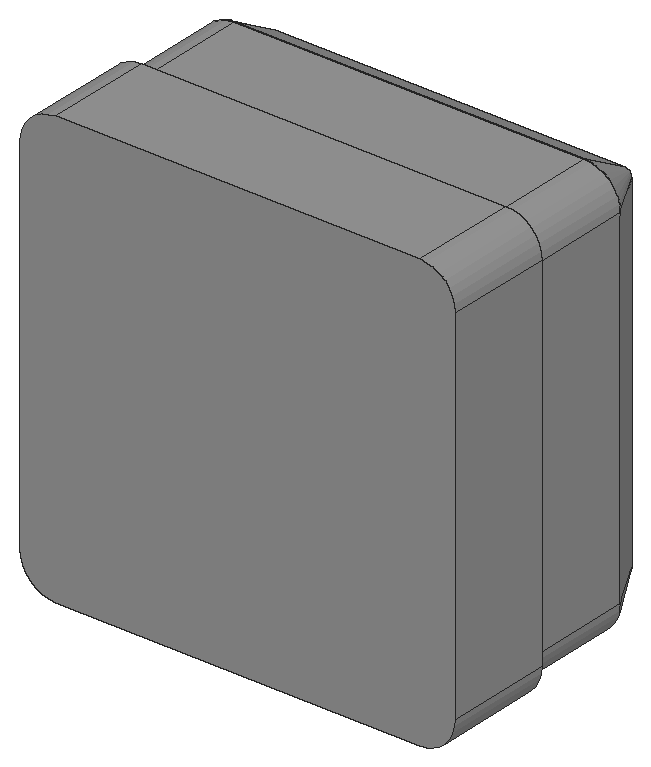
Revit family "IEK_РозеткаТелефонная_ОткрытойУстановки_1-местная IP20_ОКТАВА", category Устройства связи, Revit 2019
Family settings
  Сохранять ориентацию аннотаций = Да
  Размер круглого соединителя = Использовать диаметр
  Тип детали = Нормальный
  На основе рабочей плоскости = Нет
  Всегда вертикально = Да
  При загрузке вырезать с полостями = Нет
  Общий = Нет
  Точка расчета площади = Нет
Parameters (values of type "РТ20-ОКм")
  Ширина = 61 mm  # constant formula
  Тип монтажа = "Поверхность монтажа (открытая установка)"  # constant formula
  Степень защиты = "IP20"  # constant formula
  Изготовитель = "IEK"  # constant formula
  Дата изменения = ""
  Глубина = 37 mm  # constant formula
  Высота = 61 mm  # constant formula
  ΔХ [instance] = 2000 mm
  ΔY [instance] = 2000 mm
  KSI_CPr_Строительные изделия = ""
  KSI_CMa_Строительные материалы = "01.7.14.03"  # constant formula
  IEK_Цена за единицу = 132.29
  IEK_Поиск в таблице имен = ""
  IEK_Описание = "Универсальный дизайн серии открытой установки \"ОКТАВА\" позволяет устанавливать изделия в квартирах, загородных домах, офисных и производственных помещениях."
  IEK_URL = "https://www.iek.ru/products/catalog/izdeliya_elektroustanovochnye_udliniteli_i_silovye_razemy/elektroustanovochnye_izdeliya/elektroustanovochnye_izdeliya_otkrytogo_montazha_ip20/elektroustanovochnye_izdeliya_oktava/elektroustanovochnye_izdeliya_oktava_tsvet_kremovyy/rozetka_1_mestnaya_dlya_otkrytoy_ustanovki_telefonnaya_rt20_okm_oktava_kremovyy_iek"
  ADSK_Примечание = ""
  ADSK_Позиция [instance] = ""
  ADSK_Наименование = "Розетка 1-местная для открытой установки телефонная РТ20-ОКм ОКТАВА кремовый IEK"
  ADSK_Материал обозначение = ""
  ADSK_Материал наименование = "Пластик"  # constant formula
  ADSK_Материал = Цвет кремовый
  ADSK_Масса = 0.048
  ADSK_Марка = "ОКТАВА"  # constant formula
  ADSK_Код изделия = "ETO10-K33-DC"
  ADSK_Завод-изготовитель = "IEK"  # constant formula
  ADSK_Единица измерения = "шт"  # constant formula
  ADSK_Группирование = "III ЭЛЕКТРОУСТАНОВОЧНЫЕ И ЭЛЕКТРОМОНТАЖНЫЕ ИЗДЕЛИЯ"  # constant formula
  ADSK_Версия семейства = "1.0"  # constant formula
  ADSK_Версия Revit = "2019"  # constant formula
  ADSK_URL страницы изделия = "https://www.iek.ru/products/catalog/izdeliya_elektroustanovochnye_udliniteli_i_silovye_razemy/elektroustanovochnye_izdeliya/elektroustanovochnye_izdeliya_otkrytogo_montazha_ip20/elektroustanovochnye_izdeliya_oktava/"
Reference planes
  plane 1 "По центру (Вперед/Назад)": y = 0
  plane 2: z = 0
  plane 3 "По центру (Влево/Вправо)": x = 0
  plane 4 "Высота ножек": z = 280
  plane 5 "Высота": z = 2081.496
  plane 6: x = -2000
  plane 7: y = 2000
Forms (mm)
  Extrusion 1, solid, detail levels coarse
    sketch origin (0, -9, 0) x (1, 0, 0) y (0, 1, 0)
      loop
        line (-30.5, 46) -> (-30.5, 9) -> (30.5, 9) -> (30.5, 46) -> (-30.5, 46)
    from 0 to 61
  Extrusion 2, solid, detail levels medium
    sketch origin (0, 36, 0) x (1, 0, 0) y (0, 1, 0)
      loop
        line (-30.5, 1) -> (-30.5, -36) -> (30.5, -36) -> (30.5, 1) -> (-30.5, 1)
    from 0 to 61
  Extrusion 3, void
    sketch origin (0, 2, 30.5) x (1, 0, 0) y (0, 0, -1)
      loop
        line (6, 5.5) -> (-6, 5.5) -> (-6, -1.5) -> (-3.5, -1.5) -> (-3.5, -3.5) -> (-2, -3.5) -> (-2, -5.5) -> (2, -5.5) -> (2, -3.5) -> (3.5, -3.5) -> (3.5, -1.5) -> (6, -1.5) -> (6, 5.5)
    from 25 to 34.5
  Extrusion 4, solid, material "Цвет кремовый" <- "ADSK_Материал", detail levels fine
    sketch origin (0, 2, 30.5) x (1, 0, 0) y (0, 0, -1)
      loop
        line (-30.5, 25.5) -> (-30.5, -25.5)
        arc (-30.5, -25.5) -> (-29.036, -29.036) -> (-25.5, -30.5) r 5
        line (-25.5, -30.5) -> (25.5, -30.5)
        arc (25.5, -30.5) -> (29.036, -29.036) -> (30.5, -25.5) r 5
        line (30.5, -25.5) -> (30.5, 25.5)
        arc (30.5, 25.5) -> (29.036, 29.036) -> (25.5, 30.5) r 5
        line (25.5, 30.5) -> (-25.5, 30.5)
        arc (-25.5, 30.5) -> (-29.036, 29.036) -> (-30.5, 25.5) r 5
    from -2 to 13
  Extrusion 5, solid, material "Цвет кремовый" <- "ADSK_Материал", detail levels fine
    sketch origin (0, 2, 30.5) x (1, 0, 0) y (0, 0, -1)
      loop
        line (-29.5, 24.462) -> (-29.5, -24.462)
        arc (-29.5, -24.462) -> (-28.024, -28.024) -> (-24.462, -29.5) r 5.038
        line (-24.462, -29.5) -> (24.505, -29.5)
        arc (24.505, -29.5) -> (28.037, -28.037) -> (29.5, -24.505) r 4.995
        line (29.5, -24.505) -> (29.5, 24.505)
        arc (29.5, 24.505) -> (28.037, 28.037) -> (24.505, 29.5) r 4.995
        line (24.505, 29.5) -> (-24.462, 29.5)
        arc (-24.462, 29.5) -> (-28.024, 28.024) -> (-29.5, 24.462) r 5.038
    from 13 to 28
  Blend 6, solid, material "Цвет кремовый" <- "ADSK_Материал", detail levels fine
    base sketch origin (0, 2, 30.5) x (1, 0, 0) y (0, 0, -1)
      loop
        line (-29.5, 24.462) -> (-29.5, -24.462)
        arc (-29.5, -24.462) -> (-28.024, -28.024) -> (-24.462, -29.5) r 5.038
        line (-24.462, -29.5) -> (24.505, -29.5)
        arc (24.505, -29.5) -> (28.037, -28.037) -> (29.5, -24.505) r 4.995
        line (29.5, -24.505) -> (29.5, 24.505)
        arc (29.5, 24.505) -> (28.037, 28.037) -> (24.505, 29.5) r 4.995
        line (24.505, 29.5) -> (-24.462, 29.5)
        arc (-24.462, 29.5) -> (-28.024, 28.024) -> (-29.5, 24.462) r 5.038
    top sketch origin (0, 2, 30.5) x (1, 0, 0) y (0, 0, -1)
      loop
        line (-25.459, 24.5) -> (-25.459, -24.5)
        arc (-25.459, -24.5) -> (-25.178, -25.178) -> (-24.5, -25.459) r 0.959
        line (-24.5, -25.459) -> (24.5, -25.459)
        arc (24.5, -25.459) -> (25.178, -25.178) -> (25.459, -24.5) r 0.959
        line (25.459, -24.5) -> (25.459, 24.5)
        arc (25.459, 24.5) -> (25.178, 25.178) -> (24.5, 25.459) r 0.959
        line (24.5, 25.459) -> (-24.5, 25.459)
        arc (-24.5, 25.459) -> (-25.178, 25.178) -> (-25.459, 24.5) r 0.959
    from 28 to 35
  Extrusion 7, void
    sketch origin (0, 2, 30.5) x (1, 0, 0) y (0, 0, -1)
      loop
        arc (-23.459, -21.459) -> (-22.873, -22.873) -> (-21.459, -23.459) r 2
        line (-21.459, -23.459) -> (21.459, -23.459)
        arc (21.459, -23.459) -> (22.873, -22.873) -> (23.459, -21.459) r 2
        line (23.459, -21.459) -> (23.459, 21.459)
        arc (23.459, 21.459) -> (22.873, 22.873) -> (21.459, 23.459) r 2
        line (21.459, 23.459) -> (-21.459, 23.459)
        arc (-21.459, 23.459) -> (-22.873, 22.873) -> (-23.459, 21.459) r 2
        line (-23.459, 21.459) -> (-23.459, -21.459)
    from 34.5 to 35
Cuts and joins
  Extrusion 3, Extrusion 7 cuts Blend 6
Lines and regions (mm)
  reference lines
    curve 1: line (0, 44.647, 0) -> (0, -55.353, 0)
    curve 2: line (-23.829, 0, 0) -> (76.171, 0, 0)
Dimensions and locks
  locked: plane 4 "Высота ножек" to plane 2 at 280
  plane 5 "Высота" to plane 4 "Высота ножек" = 1801.496 mm
  "ΔХ": plane 6 to curve 1
  "ΔY": plane 7 to curve 2
  aligned and locked: level to plane 2
  aligned and locked: nested 1 to curve 1
  aligned and locked: curve 2 to nested 1
  aligned and locked: Extrusion 1 to Extrusion 2  (x3)
  aligned and locked: plane 1 "По центру (Вперед/Назад)" to Extrusion 1
Automatic sketch dimensions
  plane 1 "По центру (Вперед/Назад)" to Extrusion 1 sketch curve = 0 mm
  Extrusion 1 sketch curve to plane 3 "По центру (Влево/Вправо)" = 30.5 mm
  plane 3 "По центру (Влево/Вправо)" to Extrusion 1 sketch curve = 30.5 mm
  Extrusion 1 sketch curve to plane 1 "По центру (Вперед/Назад)" = 37 mm
  Extrusion 2 sketch curve to plane 1 "По центру (Вперед/Назад)" = 0 mm
  Extrusion 2 sketch curve to plane 3 "По центру (Влево/Вправо)" = 30.5 mm
  plane 3 "По центру (Влево/Вправо)" to Extrusion 2 sketch curve = 30.5 mm
  Extrusion 2 sketch curve to Extrusion 2 sketch curve = 37 mm
  Extrusion 3 sketch curve to plane 3 "По центру (Влево/Вправо)" = 6 mm
  Extrusion 3 sketch curve to Extrusion 3 sketch curve = 2.5 mm  (x2)
  Extrusion 3 sketch curve to Extrusion 3 sketch curve = 1.5 mm  (x2)
  plane 3 "По центру (Влево/Вправо)" to Extrusion 3 sketch curve = 2 mm
  level to Extrusion 3 sketch curve = 36 mm
  Extrusion 3 sketch curve to Extrusion 3 sketch curve = 2 mm  (x4)
  Extrusion 3 sketch curve to Extrusion 3 sketch curve = 7 mm
  level to Extrusion 4 sketch curve = 5 mm  (x2)
  Extrusion 4 sketch curve to plane 3 "По центру (Влево/Вправо)" = 30.5 mm
  Extrusion 4 sketch curve to Extrusion 4 sketch curve = 5 mm  (x2)
  plane 3 "По центру (Влево/Вправо)" to Extrusion 4 sketch curve = 25.5 mm  (x2)
  level to Extrusion 4 sketch curve = 56 mm
  Extrusion 5 sketch curve to plane 3 "По центру (Влево/Вправо)" = 29.5 mm
  Extrusion 5 sketch curve to Extrusion 5 sketch curve = 5.038 mm  (x2)
  level to Extrusion 5 sketch curve = 1 mm
  plane 3 "По центру (Влево/Вправо)" to Extrusion 5 sketch curve = 24.505 mm  (x2)
  Extrusion 5 sketch curve to Extrusion 5 sketch curve = 4.995 mm
  level to Extrusion 5 sketch curve = 54.962 mm
  Extrusion 5 sketch curve to Extrusion 5 sketch curve = 0 mm  (x2)
  level to Blend 6 sketch curve = 6.038 mm
  Blend 6 sketch curve to plane 3 "По центру (Влево/Вправо)" = 29.5 mm
  Blend 6 sketch curve to Blend 6 sketch curve = 5.038 mm  (x2)
  plane 3 "По центру (Влево/Вправо)" to Blend 6 sketch curve = 24.505 mm  (x2)
  level to Blend 6 sketch curve = 5.995 mm
  level to Blend 6 sketch curve = 54.962 mm
  level to Blend 6 sketch curve = 6 mm  (x2)
  Blend 6 sketch curve to plane 3 "По центру (Влево/Вправо)" = 25.459 mm
  Blend 6 sketch curve to Blend 6 sketch curve = 0.959 mm  (x2)
  plane 3 "По центру (Влево/Вправо)" to Blend 6 sketch curve = 24.5 mm  (x2)
  level to Blend 6 sketch curve = 55 mm
  Extrusion 7 sketch curve to plane 3 "По центру (Влево/Вправо)" = 23.459 mm
  Extrusion 7 sketch curve to Extrusion 7 sketch curve = 2 mm  (x3)
  level to Extrusion 7 sketch curve = 7.041 mm
  plane 3 "По центру (Влево/Вправо)" to Extrusion 7 sketch curve = 21.459 mm  (x2)
  level to Extrusion 7 sketch curve = 51.959 mm
  curve 2 to plane 3 "По центру (Влево/Вправо)" = 23.829 mm
  plane 3 "По центру (Влево/Вправо)" to curve 2 = 76.171 mm
  plane 1 "По центру (Вперед/Назад)" to curve 1 = 55.353 mm
  curve 1 to plane 1 "По центру (Вперед/Назад)" = 44.647 mm
Nested families
  nested 1: "УГО Розетки связистской" at (0, 0, 0), type "Розетка телефонная", detail levels coarse+medium
Connectors
  electrical at (0, 18.5, 0)
    settings: on Extrusion 1, index 1, voltage 0 V, apparent load 0 VA, apparent load phase1 0 VA, apparent load phase2 0 VA, apparent load phase3 0 VA, power factor 1, load classification "Прочее", number of poles 1, system type 9, power factor state 1, is connector primary yes, connector utility no, sub classification motor no, connector description ""
Definition of nested family "УГО Розетки связистской"
  Parameters (values of type "Розетка двухместная телефонная")
    Розетка телефонная = no
    Розетка сетевая (Интернет) = no
    Розетка сетевая и телефонная = no
    Розетка телевизионная = no
    Розетка двухместная телефонная = yes
  Types (5, lengths in mm): name | Розетка телефонная | Розетка сетевая (Интернет) | Розетка сетевая и телефонная | Розетка телевизионная | Розетка двухместная телефонная
    Розетка телевизионная | no | no | no | yes | no
    Розетка сетевая (Интернет) | no | yes | no | no | no
    Розетка сетевая и телефонная | no | no | yes | no | no
    Розетка телефонная | yes | no | no | no | no
    Розетка двухместная телефонная | no | no | no | no | yes
  Reference planes
    plane 1: y = 0
    plane 2: x = 0
  Lines and regions (mm)
    Filled region 1, type "Цветовая область 1", visible <- "Розетка телефонная"
      outline origin (0, 0, 0) x (1, 0, 0) y (0, 1, 0)
        loop
          line (-0.512, 1.977) -> (-0.512, 3.023) -> (-1.53, 3.023) -> (-1.53, 1.977) -> (-0.512, 1.977)
        loop
          line (0.512, 1.977) -> (1.53, 1.977) -> (1.53, 3.023) -> (0.512, 3.023) -> (0.512, 1.977)
    Filled region 2, type "Цветовая область 1", visible <- "Розетка телефонная", not visible
      outline origin (0, 0, 0) x (1, 0, 0) y (0, 1, 0)
        loop
          line (8.078, 7.617) -> (8.078, 8.664) -> (7.06, 8.664) -> (7.06, 7.617) -> (8.078, 7.617)
        loop
          line (9.101, 7.617) -> (10.119, 7.617) -> (10.119, 8.664) -> (9.101, 8.664) -> (9.101, 7.617)
    Filled region 3, type "Цветовая область 1", visible <- "Розетка сетевая и телефонная"
      outline origin (0, 0, 0) x (1, 0, 0) y (0, 1, 0)
        loop
          line (0.994, 4) -> (0.994, 3) -> (1.994, 3) -> (1.994, 4) -> (0.994, 4)
        loop
          line (3.019, 3) -> (4.019, 3) -> (4.019, 4) -> (3.019, 4) -> (3.019, 3)
    Filled region 4, type "Цветовая область 1", visible <- "Розетка сетевая и телефонная", not visible
      outline origin (0, 0, 0) x (1, 0, 0) y (0, 1, 0)
        loop
          line (28.769, 14.987) -> (28.769, 13.987) -> (29.769, 13.987) -> (29.769, 14.987) -> (28.769, 14.987)
        loop
          line (30.794, 13.987) -> (31.794, 13.987) -> (31.794, 14.987) -> (30.794, 14.987) -> (30.794, 13.987)
    Filled region 5, type "Цветовая область 1", visible <- "Розетка двухместная телефонная"
      outline origin (0, 0, 0) x (1, 0, 0) y (0, 1, 0)
        loop
          line (-0.512, 1.977) -> (-0.512, 3.023) -> (-1.53, 3.023) -> (-1.53, 1.977) -> (-0.512, 1.977)
        loop
          line (0.512, 1.977) -> (1.53, 1.977) -> (1.53, 3.023) -> (0.512, 3.023) -> (0.512, 1.977)
    Filled region 6, type "Цветовая область 1", visible <- "Розетка двухместная телефонная", not visible
      outline origin (0, 0, 0) x (1, 0, 0) y (0, 1, 0)
        loop
          line (39.096, 13.207) -> (39.096, 14.254) -> (38.078, 14.254) -> (38.078, 13.207) -> (39.096, 13.207)
        loop
          line (40.119, 13.207) -> (41.137, 13.207) -> (41.137, 14.254) -> (40.119, 14.254) -> (40.119, 13.207)
    detail lines
      curve 1: line (0.006, 0, 0) -> (0.006, 2.454, 0)
      curve 2: line (0.006, 0, 0) -> (2.217, 0, 0)
    detail lines, visible <- "Розетка сетевая (Интернет)", not visible
      curve 3: line (2.5, 1.221, 0) -> (-2.5, 1.221, 0)
      curve 4: line (2.5, 6.221, 0) -> (-2.5, 6.221, 0)
      curve 5: line (0, 6.221, 0) -> (-2.5, 1.221, 0)
      curve 6: line (0, 6.221, 0) -> (2.5, 1.221, 0)
    detail lines, visible <- "Розетка телевизионная", not visible
      curve 7: line (19.458, 13.285, 0) -> (24.458, 13.285, 0)
      curve 8: line (19.458, 8.285, 0) -> (24.458, 8.285, 0)
      curve 9: line (21.958, 13.285, 0) -> (19.458, 8.285, 0)
      curve 10: line (21.958, 13.285, 0) -> (24.458, 8.285, 0)
    detail lines, visible <- "Розетка сетевая (Интернет)"
      curve 11: line (2.506, 0, 0) -> (-2.494, 0, 0)
      curve 12: line (2.506, 5, 0) -> (-2.494, 5, 0)
      curve 13: line (0.006, 5, 0) -> (-2.494, 0, 0)
      curve 14: line (0.006, 5, 0) -> (2.506, 0, 0)
    detail lines, visible <- "Розетка телевизионная"
      curve 15: line (-2.494, 5, 0) -> (2.506, 5, 0)
      curve 16: line (-2.494, 0, 0) -> (2.506, 0, 0)
      curve 17: line (0.006, 5, 0) -> (-2.494, 0, 0)
      curve 18: line (0.006, 5, 0) -> (2.506, 0, 0)
    detail lines, visible <- "Розетка телефонная"
      curve 19: circle (0.006, 2.5, 0) r 2.5 normal (0, 0, 1)
      curve 21: line (-1.53, 3.023, 0) -> (-1.53, 1.977, 0)
      curve 22: line (-1.53, 1.977, 0) -> (-0.512, 1.977, 0)
      curve 23: line (-0.512, 1.977, 0) -> (-0.512, 3.023, 0)
      curve 24: line (-0.512, 3.023, 0) -> (-1.53, 3.023, 0)
      curve 25: line (1.53, 3.023, 0) -> (1.53, 1.977, 0)
      curve 26: line (1.53, 1.977, 0) -> (0.512, 1.977, 0)
      curve 27: line (0.512, 1.977, 0) -> (0.512, 3.023, 0)
      curve 28: line (0.512, 3.023, 0) -> (1.53, 3.023, 0)
    detail lines, visible <- "Розетка телефонная", not visible
      curve 20: circle (8.596, 8.14, 0) r 2.5 normal (0, 0, 1)
      curve 29: line (7.06, 8.664, 0) -> (7.06, 7.617, 0)
      curve 30: line (7.06, 7.617, 0) -> (8.078, 7.617, 0)
      curve 31: line (8.078, 7.617, 0) -> (8.078, 8.664, 0)
      curve 32: line (8.078, 8.664, 0) -> (7.06, 8.664, 0)
      curve 33: line (10.119, 8.664, 0) -> (10.119, 7.617, 0)
      curve 34: line (10.119, 7.617, 0) -> (9.101, 7.617, 0)
      curve 35: line (9.101, 7.617, 0) -> (9.101, 8.664, 0)
      curve 36: line (9.101, 8.664, 0) -> (10.119, 8.664, 0)
    detail lines, visible <- "Розетка сетевая и телефонная"
      curve 37: line (-5.994, 7, 0) -> (6.006, 7, 0)
      curve 38: line (-5.994, 0, 0) -> (-5.994, 7, 0)
      curve 39: line (6.006, 0, 0) -> (-5.994, 0, 0)
      curve 40: line (6.006, 7, 0) -> (6.006, 0, 0)
      curve 41: line (-4.994, 1, 0) -> (0.006, 1, 0)
      curve 42: line (-2.474, 6, 0) -> (-4.994, 1, 0)
      curve 43: line (-2.474, 6, 0) -> (0.006, 1, 0)
      curve 44: circle (2.506, 3.5, 0) r 2.5 normal (0, 0, 1)
      curve 45: line (-4.994, 6, 0) -> (0.006, 6, 0)
      curve 46: line (0.994, 4, 0) -> (0.994, 3, 0)
      curve 47: line (0.994, 3, 0) -> (1.994, 3, 0)
      curve 48: line (1.994, 3, 0) -> (1.994, 4, 0)
      curve 49: line (1.994, 4, 0) -> (0.994, 4, 0)
      curve 50: line (4.019, 4, 0) -> (4.019, 3, 0)
      curve 51: line (4.019, 3, 0) -> (3.019, 3, 0)
      curve 52: line (3.019, 3, 0) -> (3.019, 4, 0)
      curve 53: line (3.019, 4, 0) -> (4.019, 4, 0)
    detail lines, visible <- "Розетка сетевая и телефонная", not visible
      curve 54: line (21.782, 17.987, 0) -> (33.782, 17.987, 0)
      curve 55: line (21.782, 10.987, 0) -> (21.782, 17.987, 0)
      curve 56: line (33.782, 10.987, 0) -> (21.782, 10.987, 0)
      curve 57: line (33.782, 17.987, 0) -> (33.782, 10.987, 0)
      curve 58: line (22.782, 11.987, 0) -> (27.782, 11.987, 0)
      curve 59: line (25.301, 16.987, 0) -> (22.782, 11.987, 0)
      curve 60: line (25.301, 16.987, 0) -> (27.782, 11.987, 0)
      curve 61: circle (30.282, 14.487, 0) r 2.5 normal (0, 0, 1)
      curve 62: line (22.782, 16.987, 0) -> (27.782, 16.987, 0)
      curve 63: line (28.769, 14.987, 0) -> (28.769, 13.987, 0)
      curve 64: line (28.769, 13.987, 0) -> (29.769, 13.987, 0)
      curve 65: line (29.769, 13.987, 0) -> (29.769, 14.987, 0)
      curve 66: line (29.769, 14.987, 0) -> (28.769, 14.987, 0)
      curve 67: line (31.794, 14.987, 0) -> (31.794, 13.987, 0)
      curve 68: line (31.794, 13.987, 0) -> (30.794, 13.987, 0)
      curve 69: line (30.794, 13.987, 0) -> (30.794, 14.987, 0)
      curve 70: line (30.794, 14.987, 0) -> (31.794, 14.987, 0)
    detail lines, visible <- "Розетка двухместная телефонная"
      curve 71: circle (0.006, 2.5, 0) r 2.5 normal (0, 0, 1)
      curve 72: line (-1.53, 3.023, 0) -> (-1.53, 1.977, 0)
      curve 73: line (-1.53, 1.977, 0) -> (-0.512, 1.977, 0)
      curve 74: line (-0.512, 1.977, 0) -> (-0.512, 3.023, 0)
      curve 75: line (-0.512, 3.023, 0) -> (-1.53, 3.023, 0)
      curve 76: line (1.53, 3.023, 0) -> (1.53, 1.977, 0)
      curve 77: line (1.53, 1.977, 0) -> (0.512, 1.977, 0)
      curve 78: line (0.512, 1.977, 0) -> (0.512, 3.023, 0)
      curve 79: line (0.512, 3.023, 0) -> (1.53, 3.023, 0)
    detail lines, visible <- "Розетка двухместная телефонная", not visible
      curve 80: circle (39.614, 13.731, 0) r 2.5 normal (0, 0, 1)
      curve 81: line (38.078, 14.254, 0) -> (38.078, 13.207, 0)
      curve 82: line (38.078, 13.207, 0) -> (39.096, 13.207, 0)
      curve 83: line (39.096, 13.207, 0) -> (39.096, 14.254, 0)
      curve 84: line (39.096, 14.254, 0) -> (38.078, 14.254, 0)
      curve 85: line (41.137, 14.254, 0) -> (41.137, 13.207, 0)
      curve 86: line (41.137, 13.207, 0) -> (40.119, 13.207, 0)
      curve 87: line (40.119, 13.207, 0) -> (40.119, 14.254, 0)
      curve 88: line (40.119, 14.254, 0) -> (41.137, 14.254, 0)
  Text (mm)
    text "TV" at (20.688, 11.147, 0), visible <- "Розетка телевизионная", not visible
    text "TV" at (-1.264, 2.862, 0), visible <- "Розетка телевизионная"
    text "2" at (1.883, 7.136, 0), visible <- "Розетка двухместная телефонная"
    text "2" at (41.49, 18.367, 0), visible <- "Розетка двухместная телефонная", not visible
